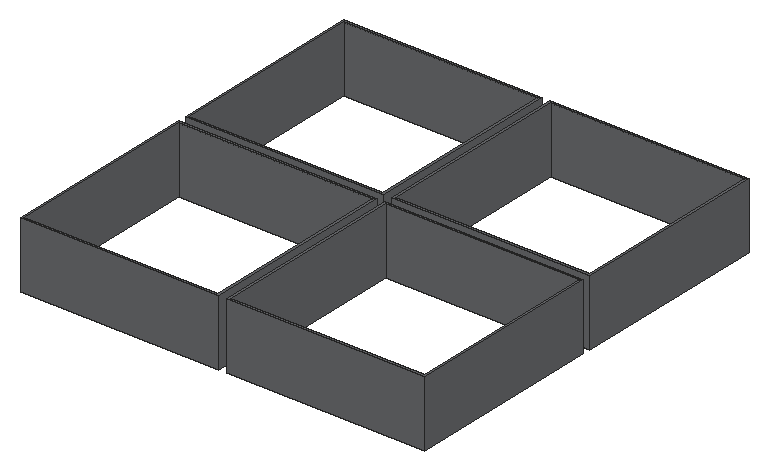
Revit family "Connect Clouds 001", category Generic Models, Revit 2021
Family settings
  Can host rebar = No
  Round Connector Dimension = Use Diameter
  Part Type = Normal
  Always vertical = Yes
  Cut with Voids When Loaded = No
  Shared = No
  Room Calculation Point = No
Parameters
  Upper Cover Material = PSH512
  URL = "https://www.csiposhfelt.com/products/pixelate-clouds-001"
  Model = "Connect Clouds 001"
  Manufacturer = "CSIPoshFelt"
  Lower Cover Material = PSH512
  Hanger Material = PSH180
  Default Elevation = 0' - 0"
  Core Material = PSH266
  Cloud Height = 9' - 0"
Reference planes (in)
  plane 1 "Center (Front/Back)": y = 0
  plane 2: z = 0
  plane 3 "16": y = 36
  plane 4 "17": y = -72
  plane 5 "18": y = -72
  plane 6: z = 108
Forms (in)
  Extrusion 1, solid, material "PSH001"
    sketch origin (4.97827, -54.08328, 108) x (1, 0, 0) y (0, 1, 0)
      loop
        line (-28.375, 36) -> (-28.375, 12) -> (-4.375, 12) -> (-4.375, 36) -> (-28.375, 36)
      loop
        line (-28.125, 35.75) -> (-28.125, 12.25) -> (-4.625, 12.25) -> (-4.625, 35.75) -> (-28.125, 35.75)
    from 0 to 8
  Extrusion 2, solid, material "PSH001"
    sketch origin (4.97827, -31.08328, 108) x (1, 0, 0) y (0, 1, 0)
      loop
        line (-28.375, -36) -> (-4.375, -36) -> (-4.375, -12) -> (-28.375, -12) -> (-28.375, -36)
      loop
        line (-28.125, -35.75) -> (-4.625, -35.75) -> (-4.625, -12.25) -> (-28.125, -12.25) -> (-28.125, -35.75)
    from 0 to 8
  Extrusion 3, solid, material "PSH001"
    sketch origin (-2.77173, -54.08328, 108) x (-1, 0, 0) y (0, -1, 0)
      loop
        line (-28.375, -36) -> (-4.375, -36) -> (-4.375, -12) -> (-28.375, -12) -> (-28.375, -36)
      loop
        line (-28.125, -35.75) -> (-4.625, -35.75) -> (-4.625, -12.25) -> (-28.125, -12.25) -> (-28.125, -35.75)
    from 0 to 8
  Extrusion 4, solid, material "PSH001"
    sketch origin (-2.77173, -31.08328, 108) x (-1, 0, 0) y (0, -1, 0)
      loop
        line (-28.375, 36) -> (-28.375, 12) -> (-4.375, 12) -> (-4.375, 36) -> (-28.375, 36)
      loop
        line (-28.125, 35.75) -> (-28.125, 12.25) -> (-4.625, 12.25) -> (-4.625, 35.75) -> (-28.125, 35.75)
    from 0 to 8
Lines and regions (in)
  reference lines
    curve 1: line (1.10327, -12.58328, 0) -> (1.10327, -72.58328, 0)
    curve 2: line (31.10327, -42.58328, 0) -> (-28.89673, -42.58328, 0)
    curve 3: line (33.60327, 0, 116) -> (-28.39673, 0, 116)
Dimensions and locks (in)
  level to level = 9' - 0"
  plane 4 "17" to plane 3 "16" = 9' - 0"
  "Cloud Height": level to plane 6
  locked: plane 6 to curve 3 at 8
  aligned and locked: level to plane 2
  aligned and locked: Extrusion 2 to plane 6
  aligned and locked: Extrusion 3 to plane 6
  aligned and locked: Extrusion 4 to plane 6
  aligned and locked: Extrusion 1 to plane 6
  aligned and locked: Extrusion 2 to curve 3
  aligned and locked: Extrusion 1 to curve 3
  aligned and locked: Extrusion 3 to curve 3
  aligned and locked: Extrusion 4 to curve 3
Automatic sketch dimensions
  curve 2 to plane 4 "17" = 2' - 5.41672"
  plane 4 "17" to curve 1 = 0' - 0.58328"
  curve 2 to curve 1 = 2' - 6"
  curve 1 to curve 2 = 2' - 6"
  plane 1 "Center (Front/Back)" to curve 1 = 1' - 0.58328"
  plane 1 "Center (Front/Back)" to Extrusion 1 sketch curve = 1' - 6.08328"
  Extrusion 1 sketch curve to Extrusion 1 sketch curve = 0' - 0 1/4"  (x4)
  Extrusion 1 sketch curve to Extrusion 1 sketch curve = 1' - 11 1/2"  (x2)
  Extrusion 2 sketch curve to plane 4 "17" = 0' - 4.91672"
  Extrusion 2 sketch curve to Extrusion 2 sketch curve = 0' - 0 1/4"  (x4)
  Extrusion 2 sketch curve to Extrusion 2 sketch curve = 1' - 11 1/2"  (x2)
  plane 1 "Center (Front/Back)" to Extrusion 3 sketch curve = 1' - 6.08328"
  Extrusion 3 sketch curve to Extrusion 3 sketch curve = 0' - 0 1/4"  (x4)
  Extrusion 3 sketch curve to Extrusion 3 sketch curve = 1' - 11 1/2"  (x2)
  Extrusion 4 sketch curve to plane 4 "17" = 0' - 4.91672"
  Extrusion 4 sketch curve to Extrusion 4 sketch curve = 0' - 0 1/4"  (x4)
  Extrusion 4 sketch curve to Extrusion 4 sketch curve = 1' - 11 1/2"  (x2)
  curve 3 to curve 3 = 5' - 2"
Nested families (in)
  nested 1: "FCT005" at (0, 0, 0), type "FCT005", not visible
    with Hanger Length 6' - 0"
  nested 2: "FCT005" at (0, 0, 0) x (-1, 0, 0) z (0, 0, 1), type "FCT005", not visible
    with Hanger Length 0' - 10.21241"
  nested 3: "FCT005" at (0, 0, 0), type "FCT005", not visible
    with Hanger Length 0' - 10.21241"
  nested 4: "FCT005" at (0, 0, 0) x (-1, 0, 0) z (0, 0, 1), type "FCT005", not visible
    with Hanger Length 0' - 10.21241"
Definition of nested family "FCT005"
  Parameters (values of type "FCT005")
    Upper Cover Material = none
    Lower Cover Material = none
    Hanger Material = none
    Hanger Length [instance] = 0' - 10.21241"
    Default Elevation = 0' - 0"
    Core Material = none
  Reference planes (in)
    plane 1 "Center (Front/Back)": y = 0
    plane 2: z = 0
    plane 3 "Center (Left/Right)": x = 0
    plane 4: z = 95.89336
  Forms (in)
    Extrusion 1, solid, material <- "Upper Cover Material"
      sketch origin (0, 0, 0) x (1, 0, 0) y (0, 1, 0)
        loop
          line (-7.04114, 5.65671) -> (-5.68961, 7.00836) -> (-7.10388, 8.42251) -> (-8.45541, 7.07086) -> (-7.04114, 5.65671)
      from 97.28386 to 98.29132
    Extrusion 2, solid, material <- "Hanger Material"
      sketch origin (0, 0, 0) x (1, 0, 0) y (0, 1, 0)
        loop
          circle (-6.9971, 6.9971) r 0.0625
      from 98.29132 to 99.68182
    Extrusion 3, solid, material <- "Hanger Material"
      sketch origin (0, 0, 0) x (1, 0, 0) y (0, 1, 0)
        loop
          circle (-6.99817, 6.99817) r 0.03125
      from 99.68182 to 108
  Lines and regions (in)
    reference lines
      curve 1: line (-17.61814, 17.61814, 0) -> (19.85852, -19.85852, 0)
      curve 2: line (20.44657, 20.44657, 0) -> (-19.85852, -19.85852, 0)
  Dimensions and locks (in)
    locked: Extrusion 2 to Extrusion 1 at 1.3905
    level to level = 9' - 0"
    plane 4 to Extrusion 3 = 1' - 0.10664"
    locked: Extrusion 1 to Extrusion 3 at 1.3905
    locked: Extrusion 1 to Extrusion 1 at 1.00746
    plane 4 to Extrusion 1 = 0' - 2.39796"
    plane 4 to nested 1 = 0' - 2.10664"
    aligned and locked: level to plane 2
    aligned and locked: Extrusion 3 to Extrusion 2
    aligned and locked: level to Extrusion 3
    aligned and locked: Extrusion 2 to Extrusion 1
  Nested families (in)
    nested 1: "FCT005 S" at (0.07195, -0.07195, 0), type "FCT005 S"
      with Hanger Length 0' - 0", Default Elevation 0' - 10.21241"
  Definition of nested family "FCT005 S"
    Parameters (values of type "FCT005 S")
      Upper Cover Material = none
      Lower Cover Material = none
      Hanger Material = none
      Hanger Length [instance] = 1' - 0"
      Default Elevation = 0' - 0"
      Core Material = none
    Reference planes (in)
      plane 1 "Center (Front/Back)": y = 0
      plane 2: z = 0
      plane 3 "Center (Left/Right)": x = 0
    Forms (in)
      Extrusion 1, solid, material <- "Upper Cover Material"
        sketch origin (11.96128, 11.96128, 131.25) x (-0.707107, -0.707107, 0) y (0, 0, 1)
          loop
            line (26.91581, -29.25) -> (16.91581, -23.25) -> (6.91581, -29.25) -> (6.91581, -29.36811) -> (16.91581, -23.36811) -> (26.91581, -29.36811) -> (26.91581, -29.25)
        from -0.16625 to 18.31279
      Extrusion 2, void
        sketch origin (0, 0, 131.25) x (1, 0, 0) y (0, 1, 0)
          loop
            line (-1.41421, 1.41421) -> (0, 5.56829) -> (0, 14.14214) -> (-8.57385, 14.14214) -> (-12.72792, 12.72792) -> (-14.14214, 8.57385) -> (-14.14214, 0) -> (-5.56829, 0) -> (-1.41421, 1.41421)
          loop
            line (9.98953, 6.86198) -> (-5.36283, 22.21433) -> (-22.15662, 5.42055) -> (-6.80426, -9.93181) -> (9.98953, 6.86198)
        from -131.25 to -1.45612
      Extrusion 3, solid, material <- "Core Material"
        sketch origin (11.96128, 11.96128, 131.13164) x (-0.707107, -0.707107, 0) y (0, 0, 1)
          loop
            line (26.91581, -29.24975) -> (16.91581, -23.24975) -> (6.91581, -29.24975) -> (6.91581, -29.7222) -> (16.91581, -23.7222) -> (26.91581, -29.7222) -> (26.91581, -29.24975)
        from -0.16625 to 18.31279
      Extrusion 4, solid, material <- "Lower Cover Material"
        sketch origin (11.96128, 11.96128, 130.65945) x (-0.707107, -0.707107, 0) y (0, 0, 1)
          loop
            line (26.91581, -29.25) -> (16.91581, -23.25) -> (6.91581, -29.25) -> (6.91581, -29.36811) -> (16.91581, -23.36811) -> (26.91581, -29.36811) -> (26.91581, -29.25)
        from -0.16625 to 18.31279
      Extrusion 5, void, not visible
        sketch origin (0, 0, 119.25) x (1, 0, 0) y (0, 1, 0)
          loop
            line (-1.41421, 1.41421) -> (0, 5.56829) -> (0, 14.14214) -> (-8.57385, 14.14214) -> (-12.72792, 12.72792) -> (-14.14214, 8.57385) -> (-14.14214, 0) -> (-5.56829, 0) -> (-1.41421, 1.41421)
          loop
            line (9.98953, 6.86198) -> (-5.36283, 22.21433) -> (-22.15662, 5.42055) -> (-6.80426, -9.93181) -> (9.98953, 6.86198)
        from -36.47991 to -18.21271
      Extrusion 6, solid, material <- "Core Material", not visible
        sketch origin (11.96128, 11.96128, 119.13164) x (-0.707107, -0.707107, 0) y (0, 0, 1)
          loop
            line (26.91581, -29.24975) -> (16.91581, -23.24975) -> (6.91581, -29.24975) -> (6.91581, -29.7222) -> (16.91581, -23.7222) -> (26.91581, -29.7222) -> (26.91581, -29.24975)
        from -0.16625 to 18.31279
      Extrusion 7, solid, material <- "Lower Cover Material", not visible
        sketch origin (11.96128, 11.96128, 118.65945) x (-0.707107, -0.707107, 0) y (0, 0, 1)
          loop
            line (26.91581, -29.25) -> (16.91581, -23.25) -> (6.91581, -29.25) -> (6.91581, -29.36811) -> (16.91581, -23.36811) -> (26.91581, -29.36811) -> (26.91581, -29.25)
        from -0.16625 to 18.31279
      Extrusion 8, solid, material <- "Upper Cover Material", not visible
        sketch origin (11.96128, 11.96128, 117.8595) x (-0.707107, -0.707107, 0) y (0, 0, 1)
          loop
            line (26.91581, -29.25) -> (16.91581, -23.25) -> (6.91581, -29.25) -> (6.91581, -29.36811) -> (16.91581, -23.36811) -> (26.91581, -29.36811) -> (26.91581, -29.25)
        from -0.16625 to 18.31279
      Extrusion 9, void, not visible
        sketch origin (0, 0, 117.8595) x (1, 0, 0) y (0, 1, 0)
          loop
            line (-1.41421, 1.41421) -> (0, 5.56829) -> (0, 14.14214) -> (-8.57385, 14.14214) -> (-12.72792, 12.72792) -> (-14.14214, 8.57385) -> (-14.14214, 0) -> (-5.56829, 0) -> (-1.41421, 1.41421)
          loop
            line (9.98953, 6.86198) -> (-5.36283, 22.21433) -> (-22.15662, 5.42055) -> (-6.80426, -9.93181) -> (9.98953, 6.86198)
        from -36.47991 to -18.21271
      Extrusion 10, solid, material <- "Core Material", not visible
        sketch origin (11.96128, 11.96128, 117.74114) x (-0.707107, -0.707107, 0) y (0, 0, 1)
          loop
            line (26.91581, -29.24975) -> (16.91581, -23.24975) -> (6.91581, -29.24975) -> (6.91581, -29.7222) -> (16.91581, -23.7222) -> (26.91581, -29.7222) -> (26.91581, -29.24975)
        from -0.16625 to 18.31279
      Extrusion 11, solid, material <- "Lower Cover Material", not visible
        sketch origin (11.96128, 11.96128, 117.26895) x (-0.707107, -0.707107, 0) y (0, 0, 1)
          loop
            line (26.91581, -29.25) -> (16.91581, -23.25) -> (6.91581, -29.25) -> (6.91581, -29.36811) -> (16.91581, -23.36811) -> (26.91581, -29.36811) -> (26.91581, -29.25)
        from -0.16625 to 18.31279
    Cuts and joins
      Extrusion 2 cuts Extrusion 1
      Extrusion 2 cuts Extrusion 3
      Extrusion 2 cuts Extrusion 4
    Lines and regions (in)
      reference lines
        curve 1: line (-17.61814, 17.61814, 0) -> (19.85852, -19.85852, 0)
        curve 2: line (20.44657, 20.44657, 0) -> (-19.85852, -19.85852, 0)
        curve 3: line (-26.02284, 0, 108) -> (10.97716, 0, 108)
        curve 4: line (-26.02284, 0, 107.88189) -> (10.97716, 0, 107.88189)
        curve 5: line (-26.02284, 0, 107.40945) -> (10.97716, 0, 107.40945)
        curve 6: line (-26.02284, 0, 107.29134) -> (10.97716, 0, 107.29134)
        curve 15: line (-26.02284, 0, 101.29134) -> (10.97716, 0, 101.29134)
      reference lines, not visible
        curve 7: line (-26.02284, 0, 96) -> (10.97716, 0, 96)
        curve 8: line (-26.02284, 0, 95.88189) -> (10.97716, 0, 95.88189)
        curve 9: line (-26.02284, 0, 95.40945) -> (10.97716, 0, 95.40945)
        curve 10: line (-26.02284, 0, 95.29134) -> (10.97716, 0, 95.29134)
        curve 11: line (-26.02284, 0, 94.6095) -> (10.97716, 0, 94.6095)
        curve 12: line (-26.02284, 0, 94.49139) -> (10.97716, 0, 94.49139)
        curve 13: line (-26.02284, 0, 94.01895) -> (10.97716, 0, 94.01895)
        curve 14: line (-26.02284, 0, 93.90084) -> (10.97716, 0, 93.90084)
    Dimensions and locks (in)
      level to level = 9' - 0"
      locked: cut or joined group of Extrusion 2, Extrusion 4 to cut or joined group of Extrusion 2, Extrusion 4 at 0.11811  (x2)
      locked: cut or joined group of Extrusion 2, Extrusion 4 to cut or joined group of Extrusion 2, Extrusion 3 at 0.47244
      locked: curve 3 to curve 4 at 0.11811
      locked: curve 4 to curve 5 at 0.47244
      locked: curve 5 to curve 6 at 0.11811
      locked: curve 7 to curve 8 at 0.11811
      locked: curve 8 to curve 9 at 0.47244
      locked: curve 9 to curve 10 at 0.11811
      locked: curve 11 to curve 12 at 0.11811
      locked: curve 12 to curve 13 at 0.47244
      locked: curve 13 to curve 14 at 0.11811
      aligned and locked: level to plane 2
      aligned and locked: Extrusion 2 to curve 1
